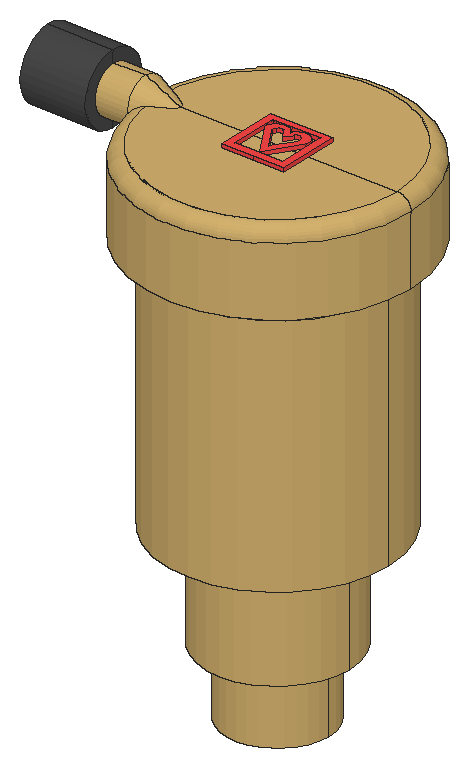
Revit family "Be- u. Entlüfter inkl. RV 2630 00 (01)", category Rohrzubehör, Revit 2019
Family settings
  Bemaßung runder Anschluss = Durchmesser verwenden
  Teiletyp = Normal
  OmniClass-Nummer = 23.65.55.14
  OmniClass-Titel = Valves for Liquid Services
  Arbeitsebenenbasiert = Nein
  Immer vertikal = Ja
  Beim Laden mit Abzugskörper schneiden = Nein
  Gemeinsam genutzt = Nein
Parameters
  URL = "www.herz-armaturen.at"
  Schwimmer = "Polypropylen"  # constant formula
  SW = 10.500 mm  # constant formula
  SCRNSEQ = "AWI;AWI_TYP=\"1013\";1"
  SCRNCODE = "05;14;01"  # constant formula
  S05 = 25.300 mm  # constant formula
  S04 = SW * 2  # 21.000 mm
  S03 = 11.000 mm  # constant formula
  S02 = 24.500 mm  # constant formula
  S01 = 59.000 mm  # constant formula
  Rückflussverhinderer = "Messing CW617N, EN 12165"  # constant formula
  R01 = 2.000 mm  # constant formula
  Nennweite AG [instance] = 15.000 mm
  Min.Betriebstemperatur = 0 °C  # constant formula
  Medium = "Heizungswasser nach ÖNORM H5195 oder VDI- Richtlinie 2035. Die Verwendung von Ethylen- oder Propyleneglykol in einem Mischungsverhältnis von 25 - 50% ist zulässig. EPDM-Dichtungen können durch Mineralöle und Schmiermittel beeinflusst werden, was zum Versagen der EPDM-Dichtungen führen kann. Bitte beachten Sie die Dokumentation des Herstellers, wenn Ethylenglykol-Produkte für den Frost- und Korrosionsschutz verwendet werden."
  Max.Strukturdruck = 1200000.0 Pa  # constant formula
  Max.Betriebstemperatur = 110 °C  # constant formula
  Max.Betriebsdruck = 800000.0 Pa  # constant formula
  L04 = L00 - L01  # 24.000 mm
  L03 = 13.500 mm  # constant formula
  L02 = 4.800 mm  # constant formula
  L01 = 9.500 mm  # constant formula
  L00 = 33.500 mm  # constant formula
  Hersteller = "Herz-Armaturen GmbH"  # constant formula
  H08 = 13.200 mm  # constant formula
  H06 = 25.300 mm  # constant formula
  H07 = 9.800 mm  # constant formula
  H05 = H00 - 1.000 mm  # 58.000 mm
  H04 = H03 - D03  # 57.900 mm
  H03 = 63.000 mm  # constant formula
  H02 = 9.500 mm  # constant formula
  H01 = 12.000 mm  # constant formula
  H00 = 59.000 mm  # constant formula
  Gehäuse = "geschmiedetes Messing nach EN 12165, CW617N"  # constant formula
  G1 [instance] = Nennweite AG / 2  # 7.500 mm
  G = 5.000 mm  # constant formula
  Dichtung = "NBR"  # constant formula
  Deckel = "geschmiedetes Messing nach EN 12165, CW617N"  # constant formula
  D07 = 11.500 mm  # constant formula
  D06 = 4.000 mm  # constant formula
  D05 = 0.800 mm  # constant formula
  D04 = 3.400 mm  # constant formula
  D03 = 5.100 mm  # constant formula
  D02 = 19.500 mm  # constant formula
  D01 = 16.200 mm  # constant formula
  Bestellnummer [instance] = if(Nennweite AG = 10.000 mm, 1263000, if(Nennweite AG = 15.000 mm, 1263001, 0))  # 1263001
  Aussengewindeanschluss = "nach ISO 228"  # constant formula
  Anwendungsgebiet = "Der automatische Schnellentlüfter wird in Heizungs- und Kühlungssysteme zur Entlüftung der Anlage verwendet. Das Ventil sollte in der Nähe des Boilers oder am höchsten Punkt der Anlage installiert werden, um eine garantierte Entlüftung der Anlage an die Umgebung zu gewährleisten."
  Abdeckkappe = "Polypropylen, Schwarz"  # constant formula
Reference planes
  plane 1 "Mitte (Vorne/hinten)": y = 0
  plane 2: z = 0
  plane 3 "Mitte (Links/rechts)": x = 0
Forms (mm)
  Revolve 1, solid, material "Messing", detail levels fine
    sketch origin (0, 0, 0) x (1, 0, 0) y (0, 0, 1)
      loop
        line (0, 0) -> (0, 59) -> (-17.5, 59)
        arc (-17.5, 59) -> (-18.914, 58.414) -> (-19.5, 57) r 2
        line (-19.5, 57) -> (-19.5, 47) -> (-18.2, 47)
        arc (-18.2, 47) -> (-16.786, 46.414) -> (-16.2, 45) r 2
        line (-16.2, 45) -> (-16.2, 9.5) -> (-5, 9.5) -> (-5, 0) -> (0, 0)
      axis (0, 59) -> (0, 0)
    angle from 0 to 360
  Revolve 2, solid, material "Kunststoff - schwarz", detail levels fine
    sketch origin (0, 0, 0) x (1, 0, 0) y (0, 0, 1)
      loop
        line (-33.5, 57.9) -> (-24, 57.9) -> (-24, 63) -> (-33.5, 63) -> (-33.5, 57.9)
      axis (-33.5, 57.9) -> (-24, 57.9)
    angle from 0 to 360
  Revolve 3, solid, material "Messing", detail levels fine
    sketch origin (0, 0, 0) x (1, 0, 0) y (0, 0, 1)
      loop
        line (-24, 57.9) -> (0, 57.9) -> (0, 58.7) -> (-13.5, 58.7) -> (-19.2, 61.3) -> (-24, 61.3) -> (-24, 57.9)
      axis (-24, 57.9) -> (0, 57.9)
    angle from 0 to 360
  Revolve 4, solid, material "Messing", detail levels fine
    sketch origin (0, 0, 0) x (1, 0, 0) y (0, 0, 1)
      loop
        line (-5, 9.5) -> (-11.5, 9.5) -> (-11.5, 7.2) -> (-10.5, 7.2) -> (-10.5, -6) -> (-7.5, -6) -> (-7.5, -15.8) -> (0, -15.8) -> (0, 0) -> (-5, 0) -> (-5, 9.5)
      axis (0, 9.5) -> (0, -15.8)
    angle from 0 to 360
Lines and regions (mm)
  model lines, detail levels coarse+medium
    curve 1: line (0, 0, 59) -> (11.455, 0, 47.545)
    curve 2: circle (0, 0, 34.5) r 11 normal (0, -1, 0)
    curve 3: line (-11.455, 0, 21.455) -> (0, 0, 10)
    curve 4: line (0, 0, 10) -> (11.455, 0, 21.455)
    curve 5: line (0, 0, 59) -> (0, 0, 45.5)
    curve 6: line (0, 0, 23.5) -> (0, 0, 9.5)
    curve 7: line (0, 0, 59) -> (-11.455, 0, 47.545)
    curve 8: line (-11.5, 0, 9.5) -> (9.5, 0, 9.5)
    curve 9: line (9.5, 0, 9.5) -> (-10.5, 0, -15.8)
    curve 10: line (-10.5, 0, -15.8) -> (10.5, 0, -15.8)
    curve 11: circle (-10.5, 0, -15.8) r 5 normal (0, -1, 0)
    curve 12: line (0, 0, 59) -> (0, -11.455, 47.545)
    curve 13: line (0, 0, 59) -> (0, 11.455, 47.545)
    curve 14: circle (0, 0, 34.5) r 11 normal (1, 0, 0)
    curve 15: line (0, 0, 10) -> (0, -11.455, 21.455)
    curve 16: line (0, 0, 10) -> (0, 11.455, 21.455)
    curve 18: line (0, -11.5, 9.5) -> (0, 9.5, 9.5)
    curve 19: line (0, 9.5, 9.5) -> (0, -10.5, -15.8)
    curve 20: line (0, -10.5, -15.8) -> (0, 10.5, -15.8)
    curve 21: circle (0, -10.5, -15.8) r 5 normal (1, 0, 0)
    curve 22: line (-9.5, 0, 0) -> (11.5, 0, 0)
    curve 23: line (-9.5, 0, 0) -> (9.5, 25.3, 0)
    curve 24: line (9.5, 25.3, 0) -> (-11.5, 25.3, 0)
    curve 25: circle (-9.5, 0, 0) r 5 normal (0, 0, 1)
    curve 26: line (0, 84.3, 0) -> (-11.455, 72.845, 0)
    curve 27: line (0, 84.3, 0) -> (11.455, 72.845, 0)
    curve 28: circle (0, 59.8, 0) r 11 normal (0, 0, 1)
    curve 29: line (0, 35.3, 0) -> (-11.455, 46.755, 0)
    curve 30: line (0, 35.3, 0) -> (11.455, 46.755, 0)
    curve 31: line (0, 84.3, 0) -> (0, 70.8, 0)
    curve 32: line (0, 48.8, 0) -> (0, 25.3, 0)
  model lines
    curve 17: line (0, 10.954, 33.496) -> (0, 10.954, 0)
Dimensions and locks
  "G": Revolve 1 sketch curve to Revolve 1 sketch curve
  "H00": Revolve 1 sketch curve to Revolve 1 sketch curve
  "D01": Revolve 1 sketch curve to Revolve 1 sketch curve
  "D02": Revolve 1 sketch curve to Revolve 1 sketch curve
  "H02": Revolve 1 sketch curve to Revolve 1 sketch curve
  "H01": Revolve 1 sketch curve to Revolve 1 sketch curve
  "D03": Revolve 2 sketch curve to Revolve 2 sketch curve
  "L01": Revolve 2 sketch curve to Revolve 2 sketch curve
  "L00": Revolve 2 sketch curve to plane 3 "Mitte (Links/rechts)"
  "D04": Revolve 3 sketch curve to Revolve 3 sketch curve
  "L02": Revolve 3 sketch curve to Revolve 3 sketch curve
  "L03": Revolve 3 sketch curve to plane 3 "Mitte (Links/rechts)"
  "L04": Revolve 3 sketch curve to plane 3 "Mitte (Links/rechts)"
  "D05": Revolve 3 sketch curve to Revolve 3 sketch curve
  "H03": Revolve 2 sketch curve to plane 2
  "H04": Revolve 3 sketch curve to plane 2
  "H05": nested 1 to plane 2
  "H06": Revolve 4 sketch curve to Revolve 4 sketch curve
  "G1": Revolve 4 sketch curve to Revolve 4 sketch curve
  "H02": Revolve 4 sketch curve to Revolve 4 sketch curve
  "G": Revolve 4 sketch curve to Revolve 4 sketch curve
  "D07": Revolve 4 sketch curve to Revolve 4 sketch curve
  "SW": Revolve 4 sketch curve to Revolve 4 sketch curve
  "H08": Revolve 4 sketch curve to Revolve 4 sketch curve
  "S01": curve 5 to plane 2
  "S02": curve 5 to curve 2 to curve 4
  "D01": curve 7 to curve 7
  "D01": curve 1 to curve 1
  "D01": curve 3 to curve 3
  "D01": curve 4 to curve 4
  "S04": curve 8 to curve 9
  "S05": curve 8 to curve 10
  "S04": curve 10 to curve 9
  "S01": curve 13 to plane 2
  "S02": curve 13 to curve 14 to curve 16
  "D01": curve 12 to curve 12
  "D01": curve 13 to curve 13
  "D01": curve 15 to curve 15
  "D01": curve 16 to curve 16
  "S04": curve 18 to curve 19
  "S04": curve 20 to curve 20
  "S05": curve 20 to curve 18
  "S04": curve 24 to curve 24
  "S04": curve 22 to curve 23
  "S05": curve 24 to curve 22
  "S01": curve 31 to curve 32
  "S02": curve 31 to curve 28 to curve 30
  "D01": curve 26 to curve 26
  "D01": curve 27 to curve 27
  "D01": curve 29 to curve 29
  "D01": curve 30 to curve 30
  "H07": Revolve 4 sketch curve to Revolve 4 sketch curve
  equal spacing: curve 10, plane 3 "Mitte (Links/rechts)", curve 10
  equal spacing: curve 20, plane 1 "Mitte (Vorne/hinten)", curve 20
  "R01": radius of Revolve 1 sketch curve  (x2)
  "S03": radius of curve 2
  "S03": radius of curve 14
  "S03": radius of curve 28
  angle curve 5 to curve 1 = 45.00°
  angle curve 7 to curve 5 = 45.00°
  angle curve 6 to curve 3 = 45.00°
  angle curve 4 to curve 6 = 45.00°
  angle curve 12 to plane 1 "Mitte (Vorne/hinten)" = 45.00°
  angle plane 1 "Mitte (Vorne/hinten)" to curve 13 = 45.00°
  angle plane 1 "Mitte (Vorne/hinten)" to curve 15 = 45.00°
  angle curve 16 to plane 1 "Mitte (Vorne/hinten)" = 45.00°
  angle curve 26 to curve 31 = 45.00°
  angle curve 31 to curve 27 = 45.00°
  angle curve 32 to curve 29 = 45.00°
  angle curve 30 to curve 32 = 45.00°
  aligned and locked: level to plane 2
Automatic sketch dimensions
  curve 16 to plane 1 "Mitte (Vorne/hinten)" = 0.000 mm
  curve 13 to plane 1 "Mitte (Vorne/hinten)" = 0.000 mm
  curve 14 to plane 1 "Mitte (Vorne/hinten)" = 0.000 mm
  curve 17 to level = 0.000 mm
  curve 21 to curve 19 = 0.000 mm
  curve 18 to plane 1 "Mitte (Vorne/hinten)" = 9.500 mm
  curve 21 to level = 15.800 mm
  curve 19 to curve 21 = 0.000 mm
  curve 17 to plane 1 "Mitte (Vorne/hinten)" = 10.954 mm
  curve 3 to plane 3 "Mitte (Links/rechts)" = 0.000 mm
  curve 5 to plane 3 "Mitte (Links/rechts)" = 0.000 mm
  curve 6 to plane 3 "Mitte (Links/rechts)" = 0.000 mm
  curve 2 to plane 3 "Mitte (Links/rechts)" = 0.000 mm
  curve 11 to curve 9 = 0.000 mm  (x2)
  plane 3 "Mitte (Links/rechts)" to curve 9 = 9.500 mm
  level to curve 8 = 9.500 mm
  plane 1 "Mitte (Vorne/hinten)" to curve 25 = 0.000 mm
  plane 1 "Mitte (Vorne/hinten)" to curve 22 = 0.000 mm
  curve 31 to plane 3 "Mitte (Links/rechts)" = 0.000 mm
  curve 32 to plane 3 "Mitte (Links/rechts)" = 0.000 mm
  curve 28 to plane 3 "Mitte (Links/rechts)" = 0.000 mm
  curve 29 to plane 3 "Mitte (Links/rechts)" = 0.000 mm
  curve 25 to plane 3 "Mitte (Links/rechts)" = 9.500 mm
  curve 22 to curve 25 = 0.000 mm
  plane 3 "Mitte (Links/rechts)" to curve 24 = 9.500 mm
  Revolve 1 sketch curve to level = 0.000 mm
  Revolve 1 sketch curve to plane 3 "Mitte (Links/rechts)" = 0.000 mm  (x2)
  Revolve 1 sketch curve to level = 2000.000 mm
  Revolve 1 sketch curve to Revolve 1 sketch curve = 1937.000 mm
  Revolve 2 sketch curve to Revolve 2 sketch curve = 0.000 mm  (x3)
  Revolve 3 sketch curve to plane 3 "Mitte (Links/rechts)" = 0.000 mm
  Revolve 3 sketch curve to Revolve 3 sketch curve = 0.212 mm
  Revolve 3 sketch curve to plane 3 "Mitte (Links/rechts)" = 0.539 mm
  Revolve 3 sketch curve to Revolve 3 sketch curve = 0.000 mm
  Revolve 4 sketch curve to level = 0.000 mm
  Revolve 4 sketch curve to plane 3 "Mitte (Links/rechts)" = 0.000 mm  (x2)
  Revolve 4 sketch curve to Revolve 4 sketch curve = 346.545 mm
  Revolve 4 sketch curve to Revolve 4 sketch curve = 2204.815 mm
  radius of curve 21 = 5.000 mm
  radius of curve 11 = 5.000 mm
  radius of curve 25 = 5.000 mm
Nested families
  nested 1: "Herz-Logo" at (0, 0, 58), type "Herz-Logo", detail levels fine
Connectors
  piping at (0, 0, -15.8), diameter 15, driven by "Nennweite AG"
    settings: on Revolve 4, index 1, connector inside diameter 609.6 mm, connector length 0.000 mm, flow factor 0, pipe flow 0.0 L/s, pressure drop 0.0 Pa, fitting loss kfactor 0, connector angle 0.00°, fixture units 0, engagement length 0.000 mm, angle of deflection 0.00°, flow configuration 0, flow direction 0, fitting loss method 0, system type 7, joint type 0, gender type 0, connector reference index -1, connector utility 0, adjustable connector no, is connector primary yes, connector description ""
Definition of nested family "Herz-Logo"
  Reference planes
    plane 1 "Mitte (Vorne/hinten)": y = 0
    plane 2: z = 0
    plane 3 "Mitte (Links/rechts)": x = 0
  Forms (mm)
    Extrusion 1, solid
      sketch origin (0, 0, 0) x (1, 0, 0) y (0, 1, 0)
        loop
          line (-0.018, -4.517) -> (4.482, -4.517) -> (4.482, 4.483) -> (-4.518, 4.483) -> (-4.518, -4.517) -> (-0.018, -4.517)
        loop
          line (-0.05, -3.48) -> (3.482, -3.48) -> (3.482, 3.483) -> (-3.518, 3.483) -> (-3.518, -3.48) -> (-0.05, -3.48)
        loop
          arc (-0.018, 2.383) -> (-1.543, 3.287) -> (-3.067, 2.383) r 1.738
          arc (-3.067, 2.383) -> (-3.191, 1.899) -> (-3.067, 1.415) r 1.009
          line (-3.067, 1.415) -> (-0.018, -3.281) -> (3.032, 1.415)
          arc (3.032, 1.415) -> (3.156, 1.899) -> (3.032, 2.383) r 1.009
          arc (3.032, 2.383) -> (1.507, 3.287) -> (-0.018, 2.383) r 1.738
        loop
          arc (1.885, 1.272) -> (2.005, 1.675) -> (1.885, 2.079) r 0.74
          arc (1.885, 2.079) -> (1.265, 2.416) -> (0.644, 2.079) r 0.74
          line (0.644, 2.079) -> (-0.018, 0.97) -> (-0.679, 2.079)
          arc (-0.679, 2.079) -> (-1.3, 2.416) -> (-1.921, 2.079) r 0.74
          arc (-1.921, 2.079) -> (-2.04, 1.675) -> (-1.921, 1.272) r 0.74
          line (-1.921, 1.272) -> (-0.018, -1.658) -> (1.885, 1.272)
      from 0 to 1.5
  Dimensions and locks
    aligned and locked: level to plane 2
